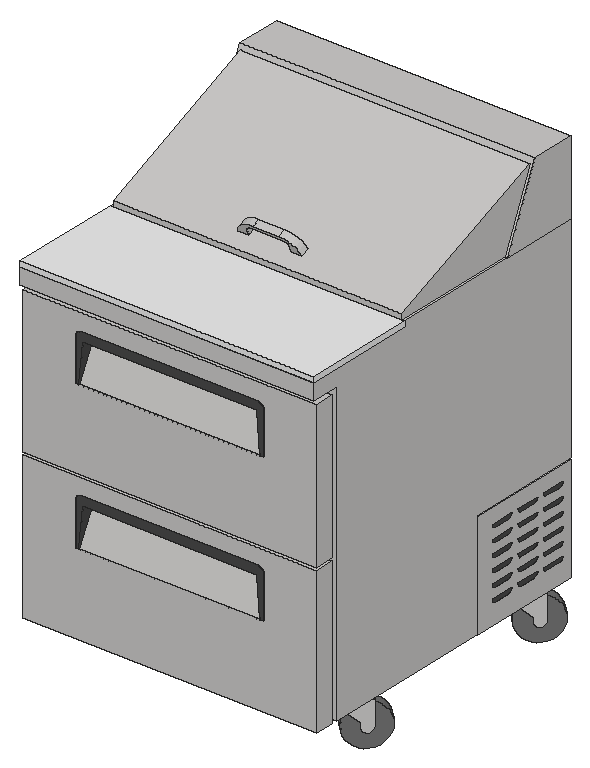
Revit family "QF_Turbo Air_TST-28SD-D29e75d2f1-d2e5-4d63-bc51-26b43eb22c39", category Specialty Equipment, Revit 2012
Parameters
  Weight in Pounds = 187
  Watermarked By = "http://revitwatermark.com"
  Volts = 115 V
  URL Cutsheet = ""
  URL = "www.turboairinc.com"
  Status [instance] = ""
  Specification by User [instance] = ""
  Specification by Manufacturer [instance] = ""
  Serial Number [instance] = ""
  Revision Code [instance] = ""
  Phase = 1
  Number of Poles [instance] = 1
  NAFEM Spec ID Number [instance] = ""
  Model = "TST-28SD-D2"
  Masterspec [instance] = ""
  Manufacturer = "Turbo Air"  # constant formula
  Legs [instance] = [6 inch Legs]  # no
  Item Number [instance] = "-"
  Installed By [instance] = ""
  HP = "1/4"
  Furnished By [instance] = ""
  Foodservice Equipment Identifier = yes
  FL Amps = 6.6 A
  Electrical Remarks [instance] = ""
  Electric Connection Type [instance] = ""
  Elec Conn RI Height [instance] = 0' - 0"
  Elec Conn Connection Height = 1' - 0"
  Description = "Sandwich/Salad Unit"
  Cycle = 60 Hz
  Conn Plug = "NEMA 5-15P"
  Casters [instance] = not(Legs)  # yes
  CasterLeg Height [instance] = if([4 inch Casters], 0' 5", if([5 inch Casters], 0' 5 3/4", if([2_5 inch Casters], 0' 3 3/8", 0' 6")))  # 0' - 5"
  CSI MasterFormat = "11 41 13"
  Assembly Code = "E1090320"
  Apparent Power = if(Phase = 3, Volts * FL Amps * 1.73, Volts * FL Amps)  # 759 VA
  6 inch Legs [instance] = no
  5 inch Casters [instance] = no
  4 inch Casters [instance] = yes
  2_5 inch Casters [instance] = no
Reference planes (in)
  plane 1 "BACK": y = 0
  plane 2: z = 0
  plane 3 "LEFT": x = -20.78844
  plane 4 "Bottom": z = 5
  plane 5 "Back Stops": y = 1
  plane 6 "RIGHT": x = 6.71156
  plane 7 "Front of Lid": y = -19.375
  plane 8 "FRONT": y = -30
  plane 9 "Door Clearance": y = -42.75
  plane 10 "Back of Door": y = -27.875
  plane 11 "Front of Box": y = -27.375
  plane 12 "Counter Top": z = 35
  plane 13 "TOP": z = 42
  plane 14 "Top of Door": z = 32.5
  plane 15 "Bottom of Cutting Board": z = 34.5
  plane 16 "Left of Lid": x = -20.53844
  plane 17 "Right of Lid": x = 6.46156
  plane 18 "Handle LR": x = -7.03844
  plane 19 "Lid Clearance": z = 45.5
Forms (in)
  Extrusion 1, solid, material "QF_Finishes_Stainless Steel"
    sketch origin (-20.78844, 0, 0) x (0, 1, 0) y (0, 0, 1)
      loop
        line (0, 5) -> (0, 35) -> (-19.375, 35) -> (-19.375, 34.5) -> (-30, 34.5) -> (-30, 33) -> (-27.375, 33) -> (-27.375, 5) -> (0, 5)
    from 0 to 27.5
  Extrusion 2, solid, material "QF_Finishes_Black"
    sketch origin (0, -27.375, 0) x (1, 0, 0) y (0, 0, 1)
      loop
        line (-19.78844, 31.5) -> (-19.78844, 6) -> (5.71156, 6) -> (5.71156, 31.5) -> (-19.78844, 31.5)
    from 0 to 0.5
  Extrusion 3, solid, material "QF_Finishes_Stainless Steel"
    sketch origin (-20.78844, 0, 0) x (0, 1, 0) y (0, 0, 1)
      loop
        line (0, 35) -> (0, 42) -> (-4.25, 42) -> (-7.375, 35) -> (0, 35)
    from 0 to 27.5
  Extrusion 4, solid, material "QF_Finishes_White"
    sketch origin (0, 0, 34.5) x (0, 1, 0) y (-1, 0, 0)
      loop
        line (-19.375, 20.78844) -> (-30, 20.78844) -> (-30, -6.71156) -> (-19.375, -6.71156) -> (-19.375, 20.78844)
    from 0 to 0.5
  Extrusion 5, solid, material "QF_Finishes_Stainless Steel"
    sketch origin (-20.53844, 0, 0) x (0, 1, 0) y (0, 0, 1)
      loop
        line (-19.375, 35) -> (-7.375, 35) -> (-4.45383, 41.54343) -> (-19.375, 35.5) -> (-19.375, 35)
    from 0 to 27
  Extrusion 6, solid, material "QF_Finishes_Stainless Steel"
    sketch origin (-8.25, -2.56728, -1.00345) x (1, 0, 0) y (0, -0.375401, 0.926862)
      loop
        line (3.21156, 40.14331) -> (4.21156, 40.14331)
        arc (4.21156, 40.14331) -> (3.53685, 41.04872) -> (2.46156, 41.39331) r 1.85
        line (2.46156, 41.39331) -> (-0.03844, 41.39331)
        arc (-0.03844, 41.39331) -> (-1.11373, 41.04872) -> (-1.78844, 40.14331) r 1.85
        line (-1.78844, 40.14331) -> (-0.78844, 40.14331) -> (-0.78844, 40.64331)
        arc (-0.78844, 40.64331) -> (-0.64199, 40.99687) -> (-0.28844, 41.14331) r 0.5
        line (-0.28844, 41.14331) -> (2.71156, 41.14331)
        arc (2.71156, 41.14331) -> (3.06511, 40.99687) -> (3.21156, 40.64331) r 0.5
        line (3.21156, 40.64331) -> (3.21156, 40.14331)
    from -0.375 to 0.375
  Extrusion 7, solid, material "QF_Finishes_Clearances", detail levels coarse
    sketch origin (-20.53844, -47.10516, 30.9878) x (0, -0.107999, -0.994151) y (0, 0.994151, -0.107999)
      loop
        arc (-18.50215, 35.94217) -> (-14.82668, 29.22878) -> (-7.48065, 27.08065) r 10
        line (-7.48065, 27.08065) -> (-15.10021, 41.26186) -> (-18.50215, 36.44217) -> (-18.50215, 35.94217)
    from 0 to 27
  Extrusion 8, void
    sketch origin (6.71156, 0, 0) x (0, 1, 0) y (0, 0, 1)
      loop
        line (0, 5) -> (0, 15) -> (-11, 15) -> (-11, 5) -> (0, 5)
    from 0 to -1
  Extrusion 9, solid, material "QF_Finishes_Stainless Steel"
    sketch origin (6.71156, 0, 0) x (0, 1, 0) y (0, 0, 1)
      loop
        line (-10.875, 14.875) -> (-10.875, 5) -> (0, 5) -> (0, 14.875) -> (-10.875, 14.875)
      loop
        arc (-9.25, 13.5) -> (-9.10355, 13.14645) -> (-8.75, 13) r 0.5
        line (-8.75, 13) -> (-7.25, 13)
        arc (-7.25, 13) -> (-6.89645, 13.14645) -> (-6.75, 13.5) r 0.5
        line (-6.75, 13.5) -> (-9.25, 13.5)
      loop
        arc (-6.25, 13.5) -> (-6.10355, 13.14645) -> (-5.75, 13) r 0.5
        line (-5.75, 13) -> (-4.25, 13)
        arc (-4.25, 13) -> (-3.89645, 13.14645) -> (-3.75, 13.5) r 0.5
        line (-3.75, 13.5) -> (-6.25, 13.5)
      loop
        arc (-3.25, 13.5) -> (-3.10355, 13.14645) -> (-2.75, 13) r 0.5
        line (-2.75, 13) -> (-1.25, 13)
        arc (-1.25, 13) -> (-0.89645, 13.14645) -> (-0.75, 13.5) r 0.5
        line (-0.75, 13.5) -> (-3.25, 13.5)
      loop
        arc (-9.25, 12.25) -> (-9.10355, 11.89645) -> (-8.75, 11.75) r 0.5
        line (-8.75, 11.75) -> (-7.25, 11.75)
        arc (-7.25, 11.75) -> (-6.89645, 11.89645) -> (-6.75, 12.25) r 0.5
        line (-6.75, 12.25) -> (-9.25, 12.25)
      loop
        arc (-6.25, 12.25) -> (-6.10355, 11.89645) -> (-5.75, 11.75) r 0.5
        line (-5.75, 11.75) -> (-4.25, 11.75)
        arc (-4.25, 11.75) -> (-3.89645, 11.89645) -> (-3.75, 12.25) r 0.5
        line (-3.75, 12.25) -> (-6.25, 12.25)
      loop
        arc (-3.25, 12.25) -> (-3.10355, 11.89645) -> (-2.75, 11.75) r 0.5
        line (-2.75, 11.75) -> (-1.25, 11.75)
        arc (-1.25, 11.75) -> (-0.89645, 11.89645) -> (-0.75, 12.25) r 0.5
        line (-0.75, 12.25) -> (-3.25, 12.25)
      loop
        arc (-9.25, 11) -> (-9.10355, 10.64645) -> (-8.75, 10.5) r 0.5
        line (-8.75, 10.5) -> (-7.25, 10.5)
        arc (-7.25, 10.5) -> (-6.89645, 10.64645) -> (-6.75, 11) r 0.5
        line (-6.75, 11) -> (-9.25, 11)
      loop
        arc (-6.25, 11) -> (-6.10355, 10.64645) -> (-5.75, 10.5) r 0.5
        line (-5.75, 10.5) -> (-4.25, 10.5)
        arc (-4.25, 10.5) -> (-3.89645, 10.64645) -> (-3.75, 11) r 0.5
        line (-3.75, 11) -> (-6.25, 11)
      loop
        arc (-3.25, 11) -> (-3.10355, 10.64645) -> (-2.75, 10.5) r 0.5
        line (-2.75, 10.5) -> (-1.25, 10.5)
        arc (-1.25, 10.5) -> (-0.89645, 10.64645) -> (-0.75, 11) r 0.5
        line (-0.75, 11) -> (-3.25, 11)
      loop
        arc (-9.25, 9.75) -> (-9.10355, 9.39645) -> (-8.75, 9.25) r 0.5
        line (-8.75, 9.25) -> (-7.25, 9.25)
        arc (-7.25, 9.25) -> (-6.89645, 9.39645) -> (-6.75, 9.75) r 0.5
        line (-6.75, 9.75) -> (-9.25, 9.75)
      loop
        arc (-6.25, 9.75) -> (-6.10355, 9.39645) -> (-5.75, 9.25) r 0.5
        line (-5.75, 9.25) -> (-4.25, 9.25)
        arc (-4.25, 9.25) -> (-3.89645, 9.39645) -> (-3.75, 9.75) r 0.5
        line (-3.75, 9.75) -> (-6.25, 9.75)
      loop
        arc (-3.25, 9.75) -> (-3.10355, 9.39645) -> (-2.75, 9.25) r 0.5
        line (-2.75, 9.25) -> (-1.25, 9.25)
        arc (-1.25, 9.25) -> (-0.89645, 9.39645) -> (-0.75, 9.75) r 0.5
        line (-0.75, 9.75) -> (-3.25, 9.75)
      loop
        arc (-9.25, 8.5) -> (-9.10355, 8.14645) -> (-8.75, 8) r 0.5
        line (-8.75, 8) -> (-7.25, 8)
        arc (-7.25, 8) -> (-6.89645, 8.14645) -> (-6.75, 8.5) r 0.5
        line (-6.75, 8.5) -> (-9.25, 8.5)
      loop
        arc (-6.25, 8.5) -> (-6.10355, 8.14645) -> (-5.75, 8) r 0.5
        line (-5.75, 8) -> (-4.25, 8)
        arc (-4.25, 8) -> (-3.89645, 8.14645) -> (-3.75, 8.5) r 0.5
        line (-3.75, 8.5) -> (-6.25, 8.5)
      loop
        arc (-3.25, 8.5) -> (-3.10355, 8.14645) -> (-2.75, 8) r 0.5
        line (-2.75, 8) -> (-1.25, 8)
        arc (-1.25, 8) -> (-0.89645, 8.14645) -> (-0.75, 8.5) r 0.5
        line (-0.75, 8.5) -> (-3.25, 8.5)
      loop
        arc (-9.25, 7.25) -> (-9.10355, 6.89645) -> (-8.75, 6.75) r 0.5
        line (-8.75, 6.75) -> (-7.25, 6.75)
        arc (-7.25, 6.75) -> (-6.89645, 6.89645) -> (-6.75, 7.25) r 0.5
        line (-6.75, 7.25) -> (-9.25, 7.25)
      loop
        arc (-6.25, 7.25) -> (-6.10355, 6.89645) -> (-5.75, 6.75) r 0.5
        line (-5.75, 6.75) -> (-4.25, 6.75)
        arc (-4.25, 6.75) -> (-3.89645, 6.89645) -> (-3.75, 7.25) r 0.5
        line (-3.75, 7.25) -> (-6.25, 7.25)
      loop
        arc (-3.25, 7.25) -> (-3.10355, 6.89645) -> (-2.75, 6.75) r 0.5
        line (-2.75, 6.75) -> (-1.25, 6.75)
        arc (-1.25, 6.75) -> (-0.89645, 6.89645) -> (-0.75, 7.25) r 0.5
        line (-0.75, 7.25) -> (-3.25, 7.25)
    from 0 to -1
  Extrusion 10, solid, material "QF_Finishes_Black"
    sketch origin (6.71156, 0, 0) x (0, 1, 0) y (0, 0, 1)
      loop
        line (-9.875, 13.95221) -> (-9.875, 6.20221) -> (-0.375, 6.20221) -> (-0.375, 13.95221) -> (-9.875, 13.95221)
    from -0.125 to -1
  Extrusion 11, solid, material "QF_Finishes_Black"
    sketch origin (0, 0, 0) x (1, 0, 0) y (0, 0, 1)
      loop
        circle (-14.66344, 30.1875) r 0.5
      loop
        circle (0.58656, 30.1875) r 0.5
    from 0 to -1
  Extrusion 12, solid, material "QF_Finishes_Stainless Steel"
    sketch origin (0, 0, 0) x (1, 0, 0) y (0, 0, 1)
      loop
        circle (2.71156, 11.125) r 0.25
    from 0 to -0.0625
Cuts and joins
  Extrusion 8 cuts Extrusion 1
Lines and regions (in)
  symbolic lines
    curve 1: line (-20.78844, 0, 35) -> (6.71156, 0, 35)
    curve 2: line (-20.78844, -30, 35) -> (-20.78844, 0, 35)
    curve 3: line (6.71156, -30, 35) -> (-20.78844, -30, 35)
    curve 4: line (6.71156, 0, 35) -> (6.71156, -30, 35)
    curve 5: line (-20.78844, -19.375, 35) -> (6.71156, -19.375, 35)
    curve 6: line (-20.78844, -4.25, 35) -> (6.71156, -4.25, 35)
    curve 7: line (0.08656, 1, 35) -> (1.08656, 1, 35)
    curve 8: line (-15.16344, 1, 35) -> (-14.16344, 1, 35)
    curve 9: line (-15.16344, 1, 35) -> (-15.16344, 0, 35)
    curve 10: line (-14.16344, 1, 35) -> (-14.16344, 0, 35)
    curve 11: line (0.08656, 1, 35) -> (0.08656, 0, 35)
    curve 12: line (1.08656, 1, 35) -> (1.08656, 0, 35)
    curve 13: line (-9.03844, -17.28956, 35) -> (-10.03844, -17.28956, 35)
    curve 14: line (-10.03844, -17.28956, 35) -> (-10.03844, -17.98471, 35)
    curve 15: line (-9.03844, -17.47726, 35) -> (-9.03844, -17.28956, 35)
    curve 16: line (-5.78844, -18.45396, 35) -> (-8.28844, -18.45396, 35)
    curve 17: line (-5.53844, -17.66496, 35) -> (-8.53844, -17.66496, 35)
    curve 18: line (-5.03844, -17.28956, 35) -> (-5.03844, -17.47726, 35)
    curve 19: line (-4.03844, -17.28956, 35) -> (-5.03844, -17.28956, 35)
    curve 20: line (-4.03844, -17.98471, 35) -> (-4.03844, -17.28956, 35)
    curve 21: spline (-4.03844, -17.98471, 35) -> (-4.1097, -18.0513, 35) -> (-4.19888, -18.11477, 35) -> (-4.30503, -18.17445, 35) -> (-4.42702, -18.2297, 35) -> (-4.56355, -18.27993, 35) -> (-4.71315, -18.3246, 35) -> (-4.87423, -18.36324, 35) -> (-5.04508, -18.39543, 35) -> (-5.22386, -18.42083, 35) -> (-5.40867, -18.43917, 35) -> (-5.59754, -18.45025, 35) -> (-5.78844, -18.45396, 35)
    curve 22: spline (-8.53844, -17.66496, 35) -> (-8.6037, -17.66336, 35) -> (-8.66785, -17.65857, 35) -> (-8.72978, -17.65067, 35) -> (-8.78844, -17.63981, 35) -> (-8.84282, -17.62617, 35) -> (-8.89199, -17.60998, 35) -> (-8.93512, -17.59153, 35) -> (-8.97145, -17.57111, 35) -> (-9.00038, -17.54909, 35) -> (-9.0214, -17.52584, 35) -> (-9.03416, -17.50176, 35) -> (-9.03844, -17.47726, 35)
    curve 23: spline (-5.03844, -17.47726, 35) -> (-5.04272, -17.50176, 35) -> (-5.05548, -17.52584, 35) -> (-5.0765, -17.54909, 35) -> (-5.10543, -17.57111, 35) -> (-5.14176, -17.59153, 35) -> (-5.18489, -17.60998, 35) -> (-5.23406, -17.62617, 35) -> (-5.28844, -17.63981, 35) -> (-5.3471, -17.65067, 35) -> (-5.40903, -17.65857, 35) -> (-5.47318, -17.66336, 35) -> (-5.53844, -17.66496, 35)
    curve 24: spline (-8.28844, -18.45396, 35) -> (-8.47934, -18.45025, 35) -> (-8.66821, -18.43917, 35) -> (-8.85302, -18.42083, 35) -> (-9.0318, -18.39543, 35) -> (-9.20265, -18.36324, 35) -> (-9.36373, -18.3246, 35) -> (-9.51333, -18.27993, 35) -> (-9.64986, -18.2297, 35) -> (-9.77185, -18.17445, 35) -> (-9.878, -18.11477, 35) -> (-9.96718, -18.0513, 35) -> (-10.03844, -17.98471, 35)
  symbolic lines, style "QF_Surface Details"
    curve 25: line (-20.16344, -10.41441, 35) -> (-20.16344, -6.42258, 35)
    curve 26: line (-14.16344, -10.41441, 35) -> (-14.16344, -6.42258, 35)
    curve 27: line (-15.16344, -5.42258, 35) -> (-19.16344, -5.42258, 35)
    curve 28: line (-15.16344, -11.41441, 35) -> (-19.16344, -11.41441, 35)
    curve 29: arc (-19.16344, -5.42258, 35) -> (-19.87055, -5.71547, 35) -> (-20.16344, -6.42258, 35) r 1
    curve 30: arc (-15.16344, -5.42258, 35) -> (-14.45633, -5.71547, 35) -> (-14.16344, -6.42258, 35) r 1
    curve 31: arc (-14.16344, -10.41441, 35) -> (-14.45633, -11.12152, 35) -> (-15.16344, -11.41441, 35) r 1
    curve 32: arc (-19.16344, -11.41441, 35) -> (-19.87055, -11.12152, 35) -> (-20.16344, -10.41441, 35) r 1
    curve 33: line (-7.41344, -10.41441, 35) -> (-7.41344, -6.42258, 35)
    curve 34: line (-13.41344, -10.41441, 35) -> (-13.41344, -6.42258, 35)
    curve 35: line (-12.41344, -5.42258, 35) -> (-8.41344, -5.42258, 35)
    curve 36: line (-12.41344, -11.41441, 35) -> (-8.41344, -11.41441, 35)
    curve 37: arc (-8.41344, -5.42258, 35) -> (-7.70633, -5.71547, 35) -> (-7.41344, -6.42258, 35) r 1
    curve 38: arc (-12.41344, -5.42258, 35) -> (-13.12055, -5.71547, 35) -> (-13.41344, -6.42258, 35) r 1
    curve 39: arc (-13.41344, -10.41441, 35) -> (-13.12055, -11.12152, 35) -> (-12.41344, -11.41441, 35) r 1
    curve 40: arc (-8.41344, -11.41441, 35) -> (-7.70633, -11.12152, 35) -> (-7.41344, -10.41441, 35) r 1
    curve 41: line (-20.16344, -13.41441, 35) -> (-20.16344, -17.40625, 35)
    curve 42: line (-14.16344, -13.41441, 35) -> (-14.16344, -17.40625, 35)
    curve 43: line (-15.16344, -18.40625, 35) -> (-19.16344, -18.40625, 35)
    curve 44: line (-15.16344, -12.41441, 35) -> (-19.16344, -12.41441, 35)
    curve 45: arc (-19.16344, -18.40625, 35) -> (-19.87055, -18.11336, 35) -> (-20.16344, -17.40625, 35) r 1
    curve 46: arc (-15.16344, -18.40625, 35) -> (-14.45633, -18.11336, 35) -> (-14.16344, -17.40625, 35) r 1
    curve 47: arc (-14.16344, -13.41441, 35) -> (-14.45633, -12.70731, 35) -> (-15.16344, -12.41441, 35) r 1
    curve 48: arc (-19.16344, -12.41441, 35) -> (-19.87055, -12.70731, 35) -> (-20.16344, -13.41441, 35) r 1
    curve 49: line (-7.41344, -13.41441, 35) -> (-7.41344, -17.40625, 35)
    curve 50: line (-13.41344, -13.41441, 35) -> (-13.41344, -17.40625, 35)
    curve 51: line (-12.41344, -18.40625, 35) -> (-8.41344, -18.40625, 35)
    curve 52: line (-12.41344, -12.41441, 35) -> (-8.41344, -12.41441, 35)
    curve 53: arc (-8.41344, -18.40625, 35) -> (-7.70633, -18.11336, 35) -> (-7.41344, -17.40625, 35) r 1
    curve 54: arc (-12.41344, -18.40625, 35) -> (-13.12055, -18.11336, 35) -> (-13.41344, -17.40625, 35) r 1
    curve 55: arc (-13.41344, -13.41441, 35) -> (-13.12055, -12.70731, 35) -> (-12.41344, -12.41441, 35) r 1
    curve 56: arc (-8.41344, -12.41441, 35) -> (-7.70633, -12.70731, 35) -> (-7.41344, -13.41441, 35) r 1
    curve 57: line (6.08656, -10.41441, 35) -> (6.08656, -6.42258, 35)
    curve 58: line (0.08656, -10.41441, 35) -> (0.08656, -6.42258, 35)
    curve 59: line (1.08656, -5.42258, 35) -> (5.08656, -5.42258, 35)
    curve 60: line (1.08656, -11.41441, 35) -> (5.08656, -11.41441, 35)
    curve 61: arc (5.08656, -5.42258, 35) -> (5.79367, -5.71547, 35) -> (6.08656, -6.42258, 35) r 1
    curve 62: arc (1.08656, -5.42258, 35) -> (0.37945, -5.71547, 35) -> (0.08656, -6.42258, 35) r 1
    curve 63: arc (0.08656, -10.41441, 35) -> (0.37945, -11.12152, 35) -> (1.08656, -11.41441, 35) r 1
    curve 64: arc (5.08656, -11.41441, 35) -> (5.79367, -11.12152, 35) -> (6.08656, -10.41441, 35) r 1
    curve 65: line (-6.66344, -10.41441, 35) -> (-6.66344, -6.42258, 35)
    curve 66: line (-0.66344, -10.41441, 35) -> (-0.66344, -6.42258, 35)
    curve 67: line (-1.66344, -5.42258, 35) -> (-5.66344, -5.42258, 35)
    curve 68: line (-1.66344, -11.41441, 35) -> (-5.66344, -11.41441, 35)
    curve 69: arc (-5.66344, -5.42258, 35) -> (-6.37055, -5.71547, 35) -> (-6.66344, -6.42258, 35) r 1
    curve 70: arc (-1.66344, -5.42258, 35) -> (-0.95633, -5.71547, 35) -> (-0.66344, -6.42258, 35) r 1
    curve 71: arc (-0.66344, -10.41441, 35) -> (-0.95633, -11.12152, 35) -> (-1.66344, -11.41441, 35) r 1
    curve 72: arc (-5.66344, -11.41441, 35) -> (-6.37055, -11.12152, 35) -> (-6.66344, -10.41441, 35) r 1
    curve 73: line (6.08656, -13.41441, 35) -> (6.08656, -17.40625, 35)
    curve 74: line (0.08656, -13.41441, 35) -> (0.08656, -17.40625, 35)
    curve 75: line (1.08656, -18.40625, 35) -> (5.08656, -18.40625, 35)
    curve 76: line (1.08656, -12.41441, 35) -> (5.08656, -12.41441, 35)
    curve 77: arc (5.08656, -18.40625, 35) -> (5.79367, -18.11336, 35) -> (6.08656, -17.40625, 35) r 1
    curve 78: arc (1.08656, -18.40625, 35) -> (0.37945, -18.11336, 35) -> (0.08656, -17.40625, 35) r 1
    curve 79: arc (0.08656, -13.41441, 35) -> (0.37945, -12.70731, 35) -> (1.08656, -12.41441, 35) r 1
    curve 80: arc (5.08656, -12.41441, 35) -> (5.79367, -12.70731, 35) -> (6.08656, -13.41441, 35) r 1
    curve 81: line (-6.66344, -13.41441, 35) -> (-6.66344, -17.40625, 35)
    curve 82: line (-0.66344, -13.41441, 35) -> (-0.66344, -17.40625, 35)
    curve 83: line (-1.66344, -18.40625, 35) -> (-5.66344, -18.40625, 35)
    curve 84: line (-1.66344, -12.41441, 35) -> (-5.66344, -12.41441, 35)
    curve 85: arc (-5.66344, -18.40625, 35) -> (-6.37055, -18.11336, 35) -> (-6.66344, -17.40625, 35) r 1
    curve 86: arc (-1.66344, -18.40625, 35) -> (-0.95633, -18.11336, 35) -> (-0.66344, -17.40625, 35) r 1
    curve 87: arc (-0.66344, -13.41441, 35) -> (-0.95633, -12.70731, 35) -> (-1.66344, -12.41441, 35) r 1
    curve 88: arc (-5.66344, -12.41441, 35) -> (-6.37055, -12.70731, 35) -> (-6.66344, -13.41441, 35) r 1
  symbolic lines, style "QF_Clearances"
    curve 89: line (-20.78844, -30, 35) -> (-20.78844, -42.75, 35)
    curve 90: line (-20.78844, -42.75, 35) -> (6.71156, -42.75, 35)
    curve 91: line (6.71156, -42.75, 35) -> (6.71156, -30, 35)
Dimensions and locks (in)
  "CasterLeg Height": plane 4 "Bottom" to plane 2
  locked: plane 1 "BACK" to plane 5 "Back Stops" at 1
  locked: plane 6 "RIGHT" to plane 3 "LEFT" at 27.5
  locked: plane 7 "Front of Lid" to plane 1 "BACK" at 19.375
  locked: plane 8 "FRONT" to plane 1 "BACK" at 30
  locked: plane 10 "Back of Door" to plane 1 "BACK" at 27.875
  locked: plane 10 "Back of Door" to plane 11 "Front of Box" at 0.5
  locked: plane 9 "Door Clearance" to plane 1 "BACK" at 42.75
  locked: plane 13 "TOP" to plane 12 "Counter Top" at 7
  locked: plane 12 "Counter Top" to plane 4 "Bottom" at 30
  locked: plane 12 "Counter Top" to plane 15 "Bottom of Cutting Board" at 0.5
  locked: plane 14 "Top of Door" to plane 4 "Bottom" at 27.5
  locked: plane 14 "Top of Door" to Extrusion 2 sketch curve at 1
  locked: Extrusion 2 sketch curve to plane 3 "LEFT" at 1
  locked: Extrusion 2 sketch curve to plane 4 "Bottom" at 1
  locked: Extrusion 2 sketch curve to plane 6 "RIGHT" at 1
  locked: plane 1 "BACK" to Extrusion 3 sketch curve at 4.25
  locked: plane 1 "BACK" to Extrusion 3 sketch curve at 7.375
  locked: plane 3 "LEFT" to plane 16 "Left of Lid" at 0.25
  locked: plane 17 "Right of Lid" to plane 6 "RIGHT" at 0.25
  equal spacing: plane 16 "Left of Lid", plane 18 "Handle LR", plane 17 "Right of Lid"
  locked: plane 19 "Lid Clearance" to plane 12 "Counter Top" at 10.5
  locked: Extrusion 5 sketch curve to plane 12 "Counter Top" at 0.5
  locked: plane 13 "TOP" to Extrusion 5 sketch curve at 0.45657
  locked: plane 1 "BACK" to Extrusion 5 sketch curve at 4.45383
  locked: plane 1 "BACK" to Extrusion 5 sketch curve at 7.375
  locked: Extrusion 6 to plane 12 "Counter Top" at 2.22168
  locked: Extrusion 6 to plane 12 "Counter Top" at 2.50323
  locked: plane 13 "TOP" to Extrusion 7 sketch curve at 0.45657
  locked: plane 19 "Lid Clearance" to Extrusion 7 sketch curve at 0.054
  locked: Extrusion 8 sketch curve to plane 1 "BACK" at 11
  locked: Extrusion 8 sketch curve to plane 4 "Bottom" at 10
  locked: plane 4 "Bottom" to Extrusion 9 sketch curve at 9.875
  locked: Extrusion 9 sketch curve to plane 1 "BACK" at 10.875
  locked: Extrusion 10 sketch curve to Extrusion 10 sketch curve at 7.75
  locked: Extrusion 10 sketch curve to plane 4 "Bottom" at 1.20221
  locked: Extrusion 10 sketch curve to Extrusion 10 sketch curve at 9.5
  locked: Extrusion 10 sketch curve to plane 1 "BACK" at 0.375
  locked: nested 1 to plane 1 "BACK" at 2.5625
  locked: plane 3 "LEFT" to nested 1 at 2.5
  locked: plane 3 "LEFT" to nested 2 at 2.5
  locked: plane 11 "Front of Box" to nested 2 at 4.625
  locked: nested 3 to plane 6 "RIGHT" at 2.5
  locked: nested 4 to plane 6 "RIGHT" at 2.5
  locked: plane 11 "Front of Box" to nested 4 at 4.625
  locked: nested 3 to plane 1 "BACK" at 2.5625
  locked: plane 12 "Counter Top" to Extrusion 11 sketch curve at 4.8125  (x2)
  locked: plane 6 "RIGHT" to Extrusion 11 sketch curve at 6.125
  locked: Extrusion 11 sketch curve to plane 3 "LEFT" at 6.125
  locked: Extrusion 12 sketch curve to plane 4 "Bottom" at 6.125
  locked: plane 6 "RIGHT" to Extrusion 12 sketch curve at 4
  locked: Extrusion 1 sketch curve to plane 12 "Counter Top" at 2
  aligned and locked: level to plane 2
  aligned and locked: Extrusion 1 sketch curve to plane 1 "BACK"
  aligned and locked: Extrusion 1 sketch curve to plane 4 "Bottom"
  aligned and locked: plane 11 "Front of Box" to Extrusion 1 sketch curve
  aligned and locked: plane 6 "RIGHT" to Extrusion 1
  aligned and locked: plane 10 "Back of Door" to Extrusion 2
  aligned and locked: Extrusion 1 sketch curve to plane 12 "Counter Top"
  aligned and locked: Extrusion 3 sketch curve to plane 13 "TOP"
  aligned and locked: plane 1 "BACK" to Extrusion 3 sketch curve
  aligned and locked: Extrusion 3 sketch curve to plane 12 "Counter Top"
  aligned and locked: plane 6 "RIGHT" to Extrusion 3
  aligned and locked: plane 7 "Front of Lid" to Extrusion 4 sketch curve
  aligned and locked: plane 3 "LEFT" to Extrusion 4 sketch curve
  aligned and locked: Extrusion 4 sketch curve to plane 8 "FRONT"
  aligned and locked: Extrusion 4 sketch curve to plane 6 "RIGHT"
  aligned and locked: plane 12 "Counter Top" to Extrusion 4
  aligned and locked: plane 12 "Counter Top" to Extrusion 5 sketch curve
  aligned and locked: plane 7 "Front of Lid" to Extrusion 5 sketch curve
  aligned and locked: plane 17 "Right of Lid" to Extrusion 5
  aligned and locked: Extrusion 6 to Extrusion 5
  aligned and locked: plane 7 "Front of Lid" to Extrusion 7 sketch curve
  aligned and locked: plane 19 "Lid Clearance" to Extrusion 7 sketch curve
  aligned and locked: plane 17 "Right of Lid" to Extrusion 7
  aligned and locked: Extrusion 8 sketch curve to plane 1 "BACK"
  aligned and locked: Extrusion 8 sketch curve to plane 4 "Bottom"
  aligned and locked: Extrusion 11 to plane 5 "Back Stops"
  aligned and locked: plane 1 "BACK" to curve 1
  aligned and locked: curve 4 to plane 6 "RIGHT"
  aligned and locked: plane 3 "LEFT" to curve 2
  aligned and locked: curve 3 to plane 8 "FRONT"
  aligned and locked: curve 7 to Extrusion 11
  aligned and locked: curve 8 to Extrusion 11
  aligned and locked: curve 13 to Extrusion 6
  aligned and locked: curve 14 to Extrusion 6
  aligned and locked: Extrusion 6 to curve 15
  aligned and locked: curve 16 to Extrusion 6
  aligned and locked: curve 17 to Extrusion 6
  aligned and locked: curve 18 to Extrusion 6
  aligned and locked: curve 19 to Extrusion 6
  aligned and locked: curve 20 to Extrusion 6
  aligned and locked: Extrusion 1 sketch curve to plane 7 "Front of Lid"
  aligned and locked: plane 15 "Bottom of Cutting Board" to Extrusion 1 sketch curve
  aligned and locked: plane 8 "FRONT" to Extrusion 1 sketch curve
  aligned and locked: plane 3 "LEFT" to nested 5
  aligned and locked: plane 6 "RIGHT" to cut or joined group of Extrusion 1, Extrusion 8
  aligned and locked: nested 5 to plane 4 "Bottom"
  aligned and locked: plane 14 "Top of Door" to nested 5
Automatic sketch dimensions
  plane 1 "BACK" to Extrusion 7 sketch curve = 0' - 8.87792"
  Extrusion 7 sketch curve to Extrusion 7 sketch curve = 0' - 3.40194"
  Extrusion 7 sketch curve to Extrusion 7 sketch curve = 0' - 6.53957"
  Extrusion 7 sketch curve to Extrusion 7 sketch curve = 0' - 1.07999"
  Extrusion 9 sketch curve to plane 1 "BACK" = 0' - 0"
  Extrusion 9 sketch curve to plane 4 "Bottom" = 0' - 0"
  Extrusion 9 sketch curve to Extrusion 9 sketch curve = 0' - 1 5/8"
  Extrusion 9 sketch curve to Extrusion 9 sketch curve = 0' - 0"  (x16)
  Extrusion 9 sketch curve to Extrusion 9 sketch curve = 0' - 0 1/2"  (x31)
  Extrusion 9 sketch curve to Extrusion 9 sketch curve = 0' - 1 1/2"  (x4)
  plane 1 "BACK" to Extrusion 9 sketch curve = 0' - 1 1/4"  (x3)
  plane 4 "Bottom" to Extrusion 9 sketch curve = 0' - 1 3/4"  (x2)
  Extrusion 9 sketch curve to Extrusion 9 sketch curve = 0' - 0 3/4"  (x15)
  Extrusion 6 sketch curve to plane 18 "Handle LR" = 0' - 3"
  Extrusion 6 sketch curve to Extrusion 6 sketch curve = 0' - 1"  (x2)
  Extrusion 6 sketch curve to Extrusion 6 sketch curve = 0' - 0 1/2"  (x3)
  Extrusion 6 sketch curve to Extrusion 6 sketch curve = 0' - 0 3/4"
  plane 18 "Handle LR" to Extrusion 6 sketch curve = 0' - 1 1/4"
  Extrusion 6 sketch curve to Extrusion 6 sketch curve = 0' - 0 1/4"
  Extrusion 6 sketch curve to Extrusion 6 sketch curve = 0' - 0"
  Extrusion 6 sketch curve to Extrusion 6 sketch curve = 0' - 0.6"
  plane 9 "Door Clearance" to curve 91 = 0' - 0"
  plane 7 "Front of Lid" to curve 5 = 0' - 0"
  curve 45 to plane 7 "Front of Lid" = 0' - 0 31/32"
  curve 86 to plane 7 "Front of Lid" = 0' - 0 31/32"
  curve 75 to plane 7 "Front of Lid" = 0' - 0 31/32"
  curve 24 to curve 53 = 0' - 0.04771"
  curve 20 to curve 19 = 0' - 0.69515"
  curve 24 to curve 13 = 0' - 0.69515"
  curve 24 to curve 17 = 0' - 0.0945"
  curve 21 to curve 23 = 0' - 0.0945"
  curve 22 to curve 22 = 0' - 0.1877"
  curve 23 to curve 23 = 0' - 0.1877"
  curve 46 to curve 46 = 0' - 1"
  curve 49 to plane 18 "Handle LR" = 0' - 0 3/8"
  curve 22 to curve 49 = 0' - 0.07101"
  plane 16 "Left of Lid" to curve 41 = 0' - 0 3/8"
  curve 43 to curve 41 = 0' - 1"
  curve 86 to curve 82 = 0' - 1"
  curve 24 to curve 81 = 0' - 0.35322"
  curve 46 to curve 50 = 0' - 0"
  curve 86 to curve 78 = 0' - 0"
  curve 77 to plane 17 "Right of Lid" = 0' - 0 3/8"
  curve 77 to curve 77 = 0' - 1"
  curve 77 to curve 80 = 0' - 3.99184"
  plane 18 "Handle LR" to curve 81 = 0' - 0 3/8"
  curve 81 to curve 81 = 0' - 3.99184"
  curve 86 to curve 82 = 0' - 3.99184"
  curve 50 to curve 50 = 0' - 3.99184"
  curve 82 to curve 79 = 0' - 0"
  curve 41 to curve 48 = 0' - 3.99184"
  curve 47 to curve 50 = 0' - 0"
  curve 56 to curve 88 = 0' - 0"
  curve 48 to curve 44 = 0' - 1"
  curve 79 to curve 76 = 0' - 1"
  curve 56 to curve 56 = 0' - 1"
  curve 87 to curve 84 = 0' - 1"
  curve 76 to curve 60 = 0' - 1"
  curve 87 to curve 68 = 0' - 1"
  curve 52 to curve 36 = 0' - 1"
  curve 44 to curve 28 = 0' - 1"
  curve 60 to curve 58 = 0' - 1"
  plane 18 "Handle LR" to curve 72 = 0' - 0 3/8"
  curve 72 to curve 72 = 0' - 1"
  plane 16 "Left of Lid" to curve 25 = 0' - 0 3/8"
  curve 28 to curve 25 = 0' - 1"
  curve 57 to plane 17 "Right of Lid" = 0' - 0 3/8"
  curve 60 to curve 57 = 0' - 1"
  curve 39 to curve 39 = 0' - 1"
  curve 71 to curve 58 = 0' - 0"
  curve 36 to curve 40 = 0' - 1"
  curve 26 to curve 34 = 0' - 0"
  curve 31 to curve 26 = 0' - 3.99184"
  curve 66 to curve 66 = 0' - 3.99184"
  plane 18 "Handle LR" to curve 69 = 0' - 1 3/8"
  curve 72 to curve 69 = 0' - 3.99184"
  curve 70 to curve 62 = 0' - 0"
  curve 57 to curve 61 = 0' - 3.99184"
  curve 25 to curve 25 = 0' - 3.99184"
  curve 33 to curve 65 = 0' - 0"
  curve 30 to curve 34 = 0' - 0"
  curve 29 to curve 29 = 0' - 1"
  curve 62 to curve 62 = 0' - 1"
  curve 37 to curve 37 = 0' - 1"
  curve 27 to curve 6 = 0' - 1.17258"
  curve 77 to curve 78 = 0' - 4"
  curve 63 to curve 76 = 0' - 0"
  curve 12 to plane 17 "Right of Lid" = 0' - 5 3/8"
  curve 12 to curve 11 = 0' - 1"
  curve 62 to curve 70 = 0' - 0 3/4"
  curve 79 to curve 87 = 0' - 0 3/4"
  curve 21 to curve 20 = 0' - 0.1"
  curve 17 to curve 21 = 0' - 0 1/4"
  curve 24 to curve 81 = 0' - 0.225"
  curve 37 to plane 18 "Handle LR" = 0' - 0 3/8"
  curve 22 to curve 24 = 0' - 0 1/4"
  curve 13 to curve 54 = 0' - 2 3/8"
  curve 35 to curve 35 = 0' - 4"
  curve 54 to curve 46 = 0' - 0 3/4"
  plane 16 "Left of Lid" to curve 10 = 0' - 6 3/8"
  curve 38 to curve 26 = 0' - 0 3/4"
  curve 10 to curve 9 = 0' - 1"
  radius of Extrusion 11 sketch curve = 0' - 0 1/2"  (x2)
  radius of Extrusion 12 sketch curve = 0' - 0 1/4"
Nested families (in)
  nested 1: "FESCasterLeg" at (-18.28844, -2.5625, 0), Legs <- "Legs", Casters <- "Casters", Height <- "CasterLeg Height", type "FESCasterLeg"
    with Legs no, Height 0' - 5", Casters yes, Caster Radius 0' - 2"
  nested 2: "FESCasterLeg" at (-18.28844, -22.75, 0), Legs <- "Legs", Casters <- "Casters", Height <- "CasterLeg Height", type "FESCasterLeg"
    with Legs no, Height 0' - 5", Casters yes, Caster Radius 0' - 2"
  nested 3: "FESCasterLeg" at (4.21156, -2.5625, 0), Legs <- "Legs", Casters <- "Casters", Height <- "CasterLeg Height", type "FESCasterLeg"
    with Legs no, Height 0' - 5", Casters yes, Caster Radius 0' - 2"
  nested 4: "FESCasterLeg" at (4.21156, -22.75, 0), Legs <- "Legs", Casters <- "Casters", Height <- "CasterLeg Height", type "FESCasterLeg"
    with Legs no, Height 0' - 5", Casters yes, Caster Radius 0' - 2"
  nested 5: "QF_Turbo Air_TBL_Drawer" at (-5.61177, -27.875, 5), type "QF_Turbo Air_TBL_Drawer"
    with Width 2' - 3 1/2", Symbolic Lines no, Height 2' - 3 1/2", Depth 0' - 1 13/16"
Connectors (in)
  electrical at (2.71156, 0.0625, 11.125), driven by "Number of Poles", driven by "Volts", driven by "Apparent Power"
    settings: on Extrusion 12, index 1, voltage 115 V, apparent load 759 VA, apparent load phase1 0 VA, apparent load phase2 0 VA, apparent load phase3 0 VA, power factor 1, load classification "Other", number of poles 1, system type 30, power factor state 1, is connector primary yes, connector utility no, sub classification motor no, connector description ""
Definition of nested family "FESCasterLeg"
  Parameters (values of type "FESCasterLeg")
    Watermarked By = "http://revitwatermark.com"
    Type Comments = "⍁⍉⌁⌀⏭⎽⌇⍠⌜⍉⎖⌥⌦⌯⍭⏊⍻⍿⍊⏵⍊⏗⏠⍴⎡⌈⎀⍠⌓⌤⏘⎐⍀⌐⏬⏁⎈⏍⏦⎒⏬⌝⍩⍇⌣〈⎫〉⎁⏊⍥⍖⍥⍝⍦⌖⍀⏌⏭⎝⎼⏷⏞⍻⏯⎽⏷⏞⍻⏯⎽⏷⎺⌻⎝⍎⌧⏷⏟⏿⌿⍜⍦⍤⌁⍬⏶⏎⍊⏚⏉⎞⌡⎀⎪⏈⌟⌿⍾⍼⌟⌿⌢⌞⏜⏝⎽⍷⍷⍯⍧⍷⌯⍽⏸⏨⏾⏎⌣⏺⍹⏼⏅⎏⌽⎫⎪⍙⎓⏗⎗⏅⌴⍏⍏⍿⏑⎺⍘⌭⏲⍥⎛⎾⎾⍞⍌⎪⎲⌙⎥⏏⎟⎟⏼⏘⎏⎝⏧⏍⏁⍏⍧⏯⏾⌟"
    Legs [instance] = yes
    Height [instance] = 0' - 6"
    Caster Radius [instance] = if(Height < 0' 3", 0' 1", (Height / 2) - 0' 0 1/2")  # 0' - 2 1/2"
    Casters [instance] = yes
    Assembly Code = ""
  Reference planes (in)
    plane 1 "Center (Front/Back)": y = 0
    plane 2: z = 0
    plane 3 "Center (Left/Right)": x = 0
    plane 4: z = 6
    plane 5: z = 5.5
  Forms (in)
    Extrusion 1, solid, material "QF_Finishes_Stainless Steel", visible <- "Casters"
      sketch origin (-24.12131, -22.88887, 10.18833) x (0.707107, 0.707107, 0) y (0, 0, 1)
        loop
          line (34.98772, -7.68833) -> (34.98772, -4.93833) -> (34.48772, -4.93833) -> (34.39402, -4.68833) -> (32.39402, -4.68833) -> (32.39402, -5.43833) -> (33.98772, -7.34206) -> (33.98772, -7.68833)
          arc (33.98772, -7.68833) -> (34.48772, -8.18833) -> (34.98772, -7.68833) r 0.5
      from 0 to 1.75
    Extrusion 2, solid, material "QF_Finishes_Rubber Black", visible <- "Casters"
      sketch origin (-24.32327, -23.09083, 13.31461) x (0.707107, 0.707107, 0) y (0, 0, 1)
        loop
          circle (34.77334, -10.81461) r 2.5
      from 0.375 to 1.375
    Extrusion 3, solid, material "QF_Finishes_Stainless Steel", visible <- "Casters"
      sketch origin (-7.24148, -8.48391, 0) x (0.707107, 0.707107, 0) y (0, 0, 1)
        loop
          line (10.61603, 5.5) -> (11.61603, 5.5) -> (11.61603, 6) -> (10.61603, 6) -> (10.61603, 5.5)
      from 0 to -1.75
    Blend 4, solid, material "QF_Finishes_Stainless Steel", visible <- "Legs"
      base sketch origin (0, 0, 0) x (1, 0, 0) y (0, 1, 0)
        loop
          circle (0, 0) r 0.5
      top sketch origin (0, 0, 0) x (1, 0, 0) y (0, 1, 0)
        loop
          circle (0, 0) r 1
      from 0 to 6 <- "Height"
  Lines and regions (in)
    symbolic lines, style "QF_Hidden Details", visible <- "Casters", built-in parameter 1006206 <- "Casters"
      curve 1: line (-1.26158, -0.51911, 0) -> (1.39007, 2.13254, 0)
      curve 2: line (-0.53429, -1.24639, 0) -> (2.11736, 1.40526, 0)
    symbolic lines, style "QF_Hidden Details", built-in parameter 1006206 <- "Casters", visible <- "Casters"
      curve 3: line (-1.26158, -0.51911, 0) -> (1.39007, 2.13254, 0)
      curve 4: line (-0.53429, -1.24639, 0) -> (2.11736, 1.40526, 0)
  Dimensions and locks (in)
    locked: plane 4 to plane 5 at 0.5
    "Height": plane 4 to level
    "Caster Radius": Extrusion 2 sketch curve to level
    "Caster Radius": Extrusion 1 sketch curve to level
    "Caster Radius": radius of Extrusion 2 sketch curve
    aligned and locked: plane 2 to level
    aligned: Blend 4 to Extrusion 3
    aligned and locked: plane 4 to Blend 4
    aligned and locked: Extrusion 3 to plane 5
    aligned and locked: plane 4 to Extrusion 3
    aligned and locked: plane 5 to Extrusion 1
  Automatic sketch dimensions
    plane 1 "Center (Front/Back)" to curve 3 = 0' - 0.51911"
    curve 3 to plane 3 "Center (Left/Right)" = 0' - 1.26158"
    plane 1 "Center (Front/Back)" to curve 1 = 0' - 0.51911"
    curve 1 to curve 3 = 0' - 0"  (x3)
    curve 4 to plane 3 "Center (Left/Right)" = 0' - 0.53429"
    curve 2 to curve 4 = 0' - 0"  (x2)
    plane 3 "Center (Left/Right)" to curve 3 = 0' - 1.39007"
    curve 1 to curve 4 = 0' - 0.72729"
    curve 2 to curve 1 = 0' - 0.72729"
    curve 4 to curve 2 = 0' - 0"  (x2)
    curve 2 to plane 1 "Center (Front/Back)" = 0' - 1.40526"
    curve 2 to curve 3 = 0' - 0.72729"
    plane 5 to Extrusion 1 sketch curve = 0' - 0"
    Extrusion 1 sketch curve to Extrusion 1 sketch curve = 0' - 1.5937"
    Extrusion 1 sketch curve to Extrusion 1 sketch curve = 0' - 2"
    Extrusion 1 sketch curve to Extrusion 1 sketch curve = 0' - 0.0937"
    Extrusion 1 sketch curve to Extrusion 1 sketch curve = 0' - 0 1/2"
    Extrusion 1 sketch curve to Extrusion 1 sketch curve = 0' - 0.34627"
    Extrusion 1 sketch curve to plane 5 = 0' - 0 3/4"
    Extrusion 1 sketch curve to plane 5 = 0' - 0 1/4"
    Extrusion 3 sketch curve to plane 5 = 0' - 0"
    plane 4 to Extrusion 3 sketch curve = 0' - 0"
    Extrusion 3 sketch curve to Extrusion 3 sketch curve = 0' - 1"
    plane 1 "Center (Front/Back)" to Blend 4 sketch curve = 0' - 0"  (x2)
    Blend 4 sketch curve to plane 3 "Center (Left/Right)" = 0' - 0"  (x2)
    radius of Blend 4 sketch curve = 0' - 0 1/2"
    radius of Blend 4 sketch curve = 0' - 1"
Definition of nested family "QF_Turbo Air_TBL_Drawer"
  Parameters (values of type "QF_Turbo Air_TBL_Drawer")
    Width [instance] = 2' - 5 5/16"
    Watermarked By = "http://revitwatermark.com"
    Symbolic Lines [instance] = yes
    Manufacturer = "Turbo Air"  # constant formula
    Height [instance] = 2' - 3 7/16"
    Depth [instance] = 0' - 1 13/16"
  Reference planes (in)
    plane 1 "BACK": y = 0
    plane 2: z = 0
    plane 3 "LEFT": x = -15.17667
    plane 4: x = 14.13583
    plane 5 "FRONT": y = -1.8125
    plane 6: z = 27.4375
    plane 7 "Handle Center": x = -0.52042
    plane 8 "Door Center": z = 13.71875
  Forms (in)
    Extrusion 1, solid, material "QF_Finishes_Black"
      sketch origin (-31.11417, 0, 15.01083) x (0, 0, -1) y (1, 0, 0)
        loop
          arc (-10.23917, 39.40625) -> (-10.63691, 39.2415) -> (-10.80167, 38.84375) r 0.5625
          line (-10.80167, 38.84375) -> (-10.80167, 22.34375)
          arc (-10.80167, 22.34375) -> (-10.63691, 21.946) -> (-10.23917, 21.78125) r 0.5625
          line (-10.23917, 21.78125) -> (-6.30167, 21.78125) -> (-6.30167, 22.125) -> (-9.98917, 22.44761) -> (-9.98917, 38.73989) -> (-6.30167, 39.0625) -> (-6.30167, 39.40625) -> (-10.23917, 39.40625)
        loop
          line (7.41708, 21.78125) -> (7.41708, 22.125) -> (3.72958, 22.44761) -> (3.72958, 38.73989) -> (7.41708, 39.0625) -> (7.41708, 39.40625) -> (3.47958, 39.40625)
          arc (3.47958, 39.40625) -> (3.08184, 39.2415) -> (2.91708, 38.84375) r 0.5625
          line (2.91708, 38.84375) -> (2.91708, 22.34375)
          arc (2.91708, 22.34375) -> (3.08184, 21.946) -> (3.47958, 21.78125) r 0.5625
          line (3.47958, 21.78125) -> (7.41708, 21.78125)
      from 0 to 1.8125
    Extrusion 2, solid, material "QF_Finishes_Stainless Steel"
      sketch origin (-9.36417, 0, 15.01083) x (0, 1, 0) y (0, 0, 1)
        loop
          line (-1.8125, 6.30167) -> (0, 6.30167) -> (0, 9.98917) -> (-0.47036, 9.98917) -> (-1.8125, 6.30167)
        loop
          line (-1.8125, -7.41708) -> (0, -7.41708) -> (0, -3.72958) -> (-0.47036, -3.72958) -> (-1.8125, -7.41708)
      from 0.375 to 17.3125
    Extrusion 3, solid, material "QF_Finishes_Stainless Steel"
      sketch origin (0, 0, 0) x (1, 0, 0) y (0, 0, 1)
        loop
          line (-15.17667, 27.4375) -> (-15.17667, 13.84375) -> (14.13583, 13.84375) -> (14.13583, 27.4375) -> (-15.17667, 27.4375)
        loop
          line (-15.17667, 0) -> (14.13583, 0) -> (14.13583, 13.59375) -> (-15.17667, 13.59375) -> (-15.17667, 0)
        loop
          arc (-8.77042, 25.8125) -> (-9.16816, 25.64775) -> (-9.33292, 25.25) r 0.5625
          line (-9.33292, 25.25) -> (-9.33292, 21.3125) -> (8.29208, 21.3125) -> (8.29208, 25.25)
          arc (8.29208, 25.25) -> (8.12733, 25.64775) -> (7.72958, 25.8125) r 0.5625
          line (7.72958, 25.8125) -> (-8.77042, 25.8125)
        loop
          arc (-8.77042, 12.09375) -> (-9.16816, 11.929) -> (-9.33292, 11.53125) r 0.5625
          line (-9.33292, 11.53125) -> (-9.33292, 7.59375) -> (8.29208, 7.59375) -> (8.29208, 11.53125)
          arc (8.29208, 11.53125) -> (8.12733, 11.929) -> (7.72958, 12.09375) r 0.5625
          line (7.72958, 12.09375) -> (-8.77042, 12.09375)
      from 0 to 1.8125
  Lines and regions (in)
    symbolic lines, visible <- "Symbolic Lines"
      curve 1: line (-15.17667, 0, 25.96875) -> (14.13583, 0, 25.96875)
      curve 2: line (-15.17667, -1.8125, 25.96875) -> (-15.17667, 0, 25.96875)
      curve 3: line (14.13583, -1.8125, 25.96875) -> (-15.17667, -1.8125, 25.96875)
      curve 4: line (14.13583, 0, 25.96875) -> (14.13583, -1.8125, 25.96875)
  Dimensions and locks (in)
    "Width": plane 4 to plane 3 "LEFT"
    "Depth": plane 5 "FRONT" to plane 1 "BACK"
    "Height": plane 6 to plane 2
    locked: Extrusion 3 sketch curve to Extrusion 3 sketch curve at 4.5  (x2)
    locked: plane 6 to Extrusion 3 sketch curve at 1.625
    locked: plane 6 to Extrusion 1 sketch curve at 1.625
    locked: Extrusion 1 sketch curve to Extrusion 1 sketch curve at 0.8125  (x2)
    locked: Extrusion 1 sketch curve to Extrusion 1 sketch curve at 4.5  (x4)
    locked: Extrusion 1 sketch curve to Extrusion 1 sketch curve at 0.66636  (x4)
    locked: plane 6 to Extrusion 2 sketch curve at 2.4375
    locked: Extrusion 2 sketch curve to Extrusion 2 sketch curve at 3.6875  (x2)
    locked: Extrusion 2 sketch curve to plane 5 "FRONT" at 1.34214  (x2)
    equal spacing: plane 3 "LEFT", plane 7 "Handle Center", plane 4
    equal spacing: plane 6, plane 8 "Door Center", level
    Extrusion 3 sketch curve to plane 8 "Door Center" to Extrusion 3 sketch curve = 0' - 0 1/8" locked, 0' - 0 1/8" locked
    Extrusion 3 sketch curve to plane 7 "Handle Center" to Extrusion 3 sketch curve = 0' - 8 13/16" locked, 0' - 8 13/16" locked  (x2)
    locked: plane 8 "Door Center" to Extrusion 3 sketch curve at 1.625
    Extrusion 1 sketch curve to plane 7 "Handle Center" to Extrusion 1 sketch curve = 0' - 8 13/16" locked, 0' - 8 13/16" locked  (x2)
    Extrusion 2 to plane 7 "Handle Center" to Extrusion 2 = 0' - 8 15/32" locked, 0' - 8 15/32" locked
    locked: plane 8 "Door Center" to Extrusion 1 sketch curve at 1.625
    locked: plane 8 "Door Center" to Extrusion 2 sketch curve at 2.4375
    aligned and locked: level to plane 2
    aligned and locked: Extrusion 3 sketch curve to plane 6
    aligned and locked: plane 3 "LEFT" to Extrusion 3 sketch curve  (x2)
    aligned and locked: level to Extrusion 3 sketch curve
    aligned and locked: Extrusion 3 sketch curve to plane 4  (x2)
    aligned and locked: plane 5 "FRONT" to Extrusion 3
    aligned and locked: Extrusion 2 sketch curve to plane 1 "BACK"  (x2)
    aligned and locked: plane 1 "BACK" to curve 1
    aligned and locked: plane 3 "LEFT" to curve 2
    aligned and locked: curve 3 to plane 5 "FRONT"
    aligned and locked: curve 4 to plane 4
  Automatic sketch dimensions
    Extrusion 1 sketch curve to Extrusion 1 sketch curve = 0' - 0 1/4"  (x4)
    Extrusion 1 sketch curve to Extrusion 1 sketch curve = 0' - 0 11/32"  (x4)
    Extrusion 2 sketch curve to plane 5 "FRONT" = 0' - 0"  (x2)
    Extrusion 3 sketch curve to Extrusion 3 sketch curve = 0' - 0 9/16"  (x4)
